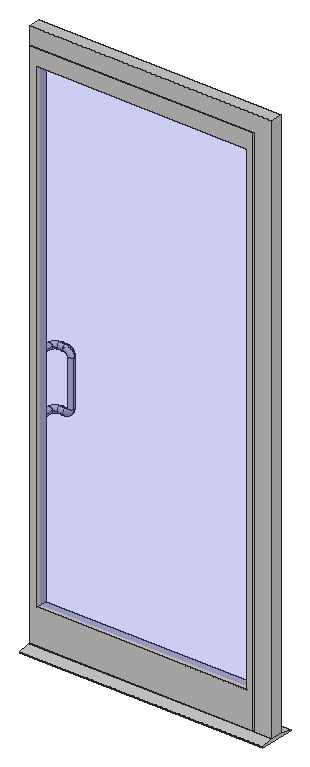
Revit family
Parameters (values of type "As Specified in the Contract Documents")
  ofst2 [instance] = abs(Offset from Exterior Wall Face - (Thickness / 2))  # 0' - 2"
  Top Rail [instance] = 0' - 2 3/4"
  Top RO Spacing = 0' - 0 1/4"
  Top Mechanism Height [instance] = if(Power Operation, 0' 7 1/2", 0' 3.13")  # 0' - 3.13"
  Threshold Width [instance] = 0' - 6"
  Threshold Material [instance] = Stainless Steel w Polished Finish - Ellison
  Thickness = 0' - 2"  # constant formula
  Stile Size [instance] = 0' - 1.13"
  SpecWizard = "http://www.arcat.com/specwizard/08480ell/index.htm?coid=32253&mf="
  Revision = "R1_10-2010"
  Right RO Spacing = 0' - 0.13"
  Warranty Duration (Years) = 0
  U_Factor [instance] = 0
  URL = "http://www.ellisonbronze.com/"
  Test Data = "http://www.ellisonbronze.com/newspecs/index.html"
  Specification = "http://www.arcat.com/sdspecs/htm/08480ell.htm"
  Send Message = "http://www.arcat.com/users.pl?action=UserEmail&company=Ellison%20Bronze,%20Inc.&coid=32253&rep=106&fax=716-665-5552&mf="
  Sales Information = "http://www.ellisonbronze.com/contact.html"
  SHGC [instance] = 0
  Rough Width = Width + Right RO Spacing + Left RO Spacing  # 3' - 6.29"
  Rough Height = Height + Right RO Spacing  # 8' - 1.13"
  R_Value [instance] = 0
  Product Properties = ""
  Product Data = "http://www.arcat.com/arcatcos/cos32/arc32253.html"
  Power Operation [instance] = no
  Panel Material = Stainless Steel w Polished Finish - Ellison
  Operation = "As Specified in 08 42 36"
  Muntin Width [instance] = 0' - 0 1/4"
  Model = "As Specified in 08 42 36"
  Minor Door Swing Y Start = Width * 0.507  # 1' - 7.71216"
  Minor Door Swing X Start = Width * 0.6157  # 1' - 11.93842"
  Minor Door Swing Radius = Width * 0.5367  # 1' - 8.8669"
  Manufacturer Website = "http://www.ellisonbronze.com/"
  Manufacturer Phone - Toll Free = "800-665-6445 "
  Manufacturer Phone = "716-665-6522 "
  Manufacturer Fax = "716-665-5552"
  Manufacturer Address = "125 W. Main St., Falconer, NY 14733"
  Manufacturer = "Ellison Bronze, Inc."
  Maintenance Schedule (Months) = 0
  Left RO Spacing = 0' - 3.28"
  Keynote = "08 42 36"
  Installation-Fabrication = "http://www.ellisonbronze.com/instmain.html"
  Installation Phase = "Exterior Enclosure"
  Height = 8' - 1"
  Has Muntins [instance] = no
  Has Miiddle Rail [instance] = no
  Hardware Finish [instance] = Stainless Steel w Polished Finish - Ellison
  Half Stile Size [instance] = Stile Size * 0.5  # 0' - 0.565"
  Green Building-LEED = "http://www.arcat.com/green/clients/leed_data_32253.html"
  Glass Thickness = if(Height < 10' 0.01", 0' 0 1/2", 0' 0 3/4")  # 0' - 0 1/2"
  Frame Material = Stainless Steel w Polished Finish - Ellison
  Fire Rating = "As Specified in 08 42 36"
  F588_Forced-Entry = "As Specified in 08 42 36"
  Expected Lifespan (Years) = 0
  E547_Water-Resistance = "As Specified in 08 42 36"
  E330_Structural-Test-Pressure = "As Specified in 08 42 36"
  E283_Air-Infiltration = "As Specified in 08 42 36"
  Drawn By = "Robert S. Weygant. CSI, CDT, SCIP"
  Door Glazing = Glass
  Description = "Stainless Steel Narrow Stile Balanced Door"
  Wall Closure = (empty or 0)
  Width = 3' - 2.88"
  Copyright = "2010 ARCAT, Inc."
  Construction Details = "http://www.ellisonbronze.com/newspecs/index.html"
  Offset from Exterior Wall Face [instance] = -0' - 1"
  Bottom Rail [instance] = 0' - 6"
  Assembly Code = "B2020100"
  AAMA Conformance = "As Specified in 08 42 36"
Reference planes (in)
  plane 1 "Center (Front/Back)": y = 0.3125
  plane 2 "Center (Left/Right)": x = -0.64125
  plane 3 "Left": x = -21.72125
  plane 4 "Right": x = 17.15875
  plane 5 "Center": z = 47.27875
  plane 6 "Exterior": y = 2.3125
  plane 7 "Interior": y = -3.6875
  plane 8 "FrameRight": x = 20.43875
  plane 9 "FrameLeft": x = -21.85125
  plane 10 "FrameUpper": z = 97
  plane 11 "Top": z = 97.25
  plane 12: z = 93.87
  plane 13: z = 0.6875
Forms (in)
  Extrusion 1, solid, material "Stainless Steel w Polished Finish - Ellison" <- "Panel Material"
    sketch origin (0, 0.3125, 0) x (1, 0, 0) y (0, 0, 1)
      loop
        line (17.15875, 93.87) -> (-21.72125, 93.87) -> (-21.72125, 0.6875) -> (17.15875, 0.6875) -> (17.15875, 93.87)
      loop
        line (16.02875, 91.12) -> (-20.59125, 91.12) -> (-20.59125, 6.6875) -> (16.02875, 6.6875) -> (16.02875, 91.12)
    from -1 to 1
  Extrusion 2, solid, material "Glass" <- "Door Glazing"
    sketch origin (0, 0.3125, 0) x (1, 0, 0) y (0, 0, 1)
      loop
        line (17.15875, 93.87) -> (-21.72125, 93.87) -> (-21.72125, 0.6875) -> (17.15875, 0.6875) -> (17.15875, 93.87)
    from -0.25 to 0.25
  Extrusion 3, solid, material "Stainless Steel w Polished Finish - Ellison" <- "Frame Material"
    sketch origin (0, 0.3125, 3.125) x (1, 0, 0) y (0, 0, 1)
      loop
        line (20.43875, 93.875) -> (-21.85125, 93.875) -> (-21.85125, 90.87) -> (17.40875, 90.87) -> (17.40875, -2.625) -> (20.43875, -2.625) -> (20.43875, 93.875)
    from -1 to 1
  Extrusion 4, solid, material "Stainless Steel w Polished Finish - Ellison" <- "Panel Material", visible <- "Has Muntins"
    sketch origin (0, 0.3125, 0) x (1, 0, 0) y (0, 0, 1)
      loop
        line (-0.51625, 91.12) -> (-0.76625, 91.12) -> (-0.76625, 47.40375) -> (-20.59125, 47.40375) -> (-20.59125, 47.15375) -> (-0.76625, 47.15375) -> (-0.76625, 6.6875) -> (-0.51625, 6.6875) -> (-0.51625, 47.15375) -> (16.02875, 47.15375) -> (16.02875, 47.40375) -> (-0.51625, 47.40375) -> (-0.51625, 91.12)
    from -1 to 1
  Extrusion 5, solid, material "Stainless Steel w Polished Finish - Ellison" <- "Threshold Material"
    sketch origin (-0.64125, 0, 0) x (0, 1, 0) y (0, 0, 1)
      loop
        line (3.3125, 0) -> (3.3125, 0.19) -> (1.33515, 0.5) -> (-0.71015, 0.5) -> (-2.6875, 0.19) -> (-2.6875, 0) -> (3.3125, 0)
    from -21.21 to 21.08
  Extrusion 6, solid, material "Stainless Steel w Polished Finish - Ellison" <- "Panel Material", visible <- "Has Miiddle Rail"
    sketch origin (0, 0.3125, -3.71625) x (1, 0, 0) y (0, 0, 1)
      loop
        line (16.02875, 47.40375) -> (-20.59125, 47.40375) -> (-20.59125, 41.40375) -> (16.02875, 41.40375) -> (16.02875, 47.40375)
    from -1 to 1
Lines and regions (in)
  Opening 1
    outline origin (-95.7153, -3.6875, 0) x (1, 0, 0) y (0, 0, 1)
      loop
        line (73.86405, 97.25) -> (73.86405, 0) -> (116.15405, 0) -> (116.15405, 97.25) -> (73.86405, 97.25)
  symbolic lines, style "Elevation Swing"
    curve 1: line (-21.72125, 0, 93.87) -> (17.15875, 0, 47.27875)
    curve 2: line (-21.72125, 0, 0.6875) -> (17.15875, 0, 47.27875)
  symbolic lines, style "DoorsPanelProjection"
    curve 3: line (16.13107, -11.9375, 0) -> (14.13107, -11.9375, 0)
    curve 4: line (16.13107, -11.9375, 0) -> (16.13107, 26.9425, 0)
    curve 5: line (16.13107, 26.9425, 0) -> (14.13107, 26.9425, 0)
    curve 6: line (14.13107, -11.9375, 0) -> (14.13107, 26.9425, 0)
    curve 7: arc (-21.71923, 1.3125, 0) -> (-17.65467, 12.77509, 0) -> (-7.88967, 20.02466, 0) r 20.8669
  symbolic lines, style "Plan Swing"
    curve 8: arc (-7.88967, 20.02466, 0) -> (2.90967, 24.15534, 0) -> (14.13107, 26.9425, 0) r 94.93214
  symbolic lines, style "DoorsFrameMullionProjection"
    curve 9: line (20.43875, 1.3125, 0) -> (17.40875, 1.3125, 0)
    curve 10: line (20.43875, -0.6875, 0) -> (20.43875, 1.3125, 0)
    curve 11: line (17.40875, -0.6875, 0) -> (20.43875, -0.6875, 0)
    curve 12: line (17.40875, 1.3125, 0) -> (17.40875, -0.6875, 0)
  reference lines
    curve 13: line (16.02875, 0.3125, 6.6875) -> (16.02875, 0.3125, 111.6875)
    curve 14: line (-20.59125, 0.3125, 6.6875) -> (-20.59125, 0.3125, 111.6875)
    curve 15: line (4.04875, 0.3125, 91.12) -> (40.40875, 0.3125, 91.12)
    curve 16: line (4.04875, 0.3125, 6.6875) -> (45.40875, 0.3125, 6.6875)
Text (in)
  text "EXTERIOR" at (-79.42766, 23.47596, 0), in view "Ref. Level"
  text "INTERIOR" at (-79.42766, -17.27685, 0), in view "Ref. Level"
  text "Exterior" at (0, 47.2975, 123.29936), in view "Left"
  text "Exterior" at (0, 19.21628, 132.11189), in view "Right"
Dimensions and locks (in)
  host wall to plane 6 "Exterior" = 0' - 0"
  host wall to plane 7 "Interior" = 0' - 0"
  "Width": plane 3 "Left" to plane 4 "Right"
  equal spacing: plane 3 "Left", plane 2 "Center (Left/Right)", plane 8 "FrameRight"
  "Right RO Spacing": plane 9 "FrameLeft" to plane 3 "Left"
  "Left RO Spacing": plane 4 "Right" to plane 8 "FrameRight"
  "ofst2": plane 1 "Center (Front/Back)" to host wall
  locked: plane 13 to level at 0.6875
  equal spacing: plane 13, plane 5 "Center", plane 12
  "Thickness": Extrusion 1 to Extrusion 1
  "Width": curve 5 to curve 3
  "Glass Thickness": Extrusion 2 to Extrusion 2
  equal spacing: Extrusion 2, plane 1 "Center (Front/Back)", Extrusion 2
  equal spacing: Extrusion 1, plane 1 "Center (Front/Back)", Extrusion 1
  locked: curve 3 to plane 1 "Center (Front/Back)" at 12.25
  "Minor Door Swing Y Start": plane 1 "Center (Front/Back)" to curve 8
  "Muntin Width": Extrusion 4 sketch curve to Extrusion 4 sketch curve  (x2)
  equal spacing: Extrusion 4 sketch curve, plane 5 "Center", Extrusion 4 sketch curve
  equal spacing: Extrusion 4 sketch curve, plane 2 "Center (Left/Right)", Extrusion 4 sketch curve
  "Top Mechanism Height": plane 12 to plane 10 "FrameUpper"
  "Height": level to plane 10 "FrameUpper"
  "Top RO Spacing": plane 10 "FrameUpper" to plane 11 "Top"
  locked: curve 6 to plane 8 "FrameRight" at 6.30768
  "Thickness": curve 6 to curve 4
  "Stile Size": curve 13 to plane 4 "Right"
  "Stile Size": plane 3 "Left" to curve 14
  "Top Rail": curve 15 to plane 12
  "Bottom Rail": plane 13 to curve 16
  "Half Stile Size": plane 3 "Left" to nested 1
  equal spacing: Extrusion 5 sketch curve, plane 1 "Center (Front/Back)", Extrusion 5 sketch curve
  locked: Extrusion 5 sketch curve to level at 0.5
  Extrusion 5 sketch curve to plane 1 "Center (Front/Back)" to Extrusion 5 sketch curve = 0' - 1.02265" locked, 0' - 1.02265" locked
  "Threshold Width": Extrusion 5 to Extrusion 5
  level to Extrusion 6 sketch curve to Extrusion 6 sketch curve = 3' - 1 11/16" locked, 0' - 6" locked
  "Minor Door Swing Radius": radius of curve 7
  aligned and locked: Opening 1 sketch curve to plane 8 "FrameRight"
  aligned and locked: plane 9 "FrameLeft" to Opening 1 sketch curve
  aligned and locked: Opening 1 sketch curve to plane 11 "Top"
  aligned and locked: level to Opening 1 sketch curve
  aligned and locked: plane 4 "Right" to curve 2
  aligned and locked: plane 5 "Center" to curve 2
  aligned and locked: Extrusion 1 to curve 7
  aligned and locked: host wall to plane 7 "Interior"
  aligned and locked: plane 6 "Exterior" to host wall
  aligned and locked: curve 5 to curve 8
  aligned and locked: Extrusion 4 sketch curve to Extrusion 4 sketch curve  (x4)
  aligned and locked: Extrusion 3 to curve 9
  aligned and locked: curve 9 to Extrusion 3
  aligned and locked: curve 12 to Extrusion 3  (x2)
  aligned and locked: Extrusion 1 sketch curve to curve 13
  aligned and locked: Extrusion 1 sketch curve to curve 14
  aligned and locked: Extrusion 1 sketch curve to curve 16
  aligned and locked: Extrusion 1 sketch curve to curve 15
  aligned and locked: curve 13 to Extrusion 4 sketch curve
  aligned and locked: Extrusion 4 sketch curve to curve 14
  aligned and locked: curve 15 to Extrusion 4 sketch curve
  aligned and locked: Extrusion 4 sketch curve to curve 16
  aligned and locked: Extrusion 5 to plane 8 "FrameRight"
  aligned and locked: Extrusion 5 to plane 9 "FrameLeft"
  aligned and locked: Extrusion 6 sketch curve to curve 14
  aligned and locked: curve 13 to Extrusion 6 sketch curve
  aligned and locked: Extrusion 1 to Extrusion 4  (x2)
  aligned and locked: Extrusion 1 to Extrusion 6  (x2)
  aligned and locked: Extrusion 3 to Extrusion 1  (x2)
Automatic sketch dimensions
  curve 1 to plane 3 "Left" = 0' - 0"
  curve 1 to plane 12 = 0' - 0"
  curve 2 to plane 3 "Left" = 0' - 0"
  curve 2 to plane 13 = 0' - 0"
  curve 7 to plane 1 "Center (Front/Back)" = 0' - 0.06016"
  curve 7 to plane 2 "Center (Left/Right)" = 0' - 0.23226"
  curve 8 to plane 8 "FrameRight" = 0' - 10.92301"
  Extrusion 1 sketch curve to plane 3 "Left" = 0' - 0"
  Extrusion 1 sketch curve to plane 4 "Right" = 0' - 0"
  Extrusion 1 sketch curve to plane 13 = 0' - 0"
  Extrusion 1 sketch curve to plane 12 = 0' - 0"
  Extrusion 3 sketch curve to plane 9 "FrameLeft" = 0' - 0"
  Extrusion 3 sketch curve to plane 8 "FrameRight" = 0' - 0"
  Extrusion 3 sketch curve to plane 10 "FrameUpper" = 0' - 0"
  Extrusion 3 sketch curve to plane 4 "Right" = 0' - 0 1/4"
  plane 12 to Extrusion 3 sketch curve = 0' - 0 1/8"
  Extrusion 3 sketch curve to plane 13 = 0' - 0 3/16"
  plane 2 "Center (Left/Right)" to curve 15 = 0' - 4.69"
  plane 2 "Center (Left/Right)" to curve 16 = 0' - 4.69"
  curve 15 to plane 8 "FrameRight" = 1' - 7.97"
  curve 16 to plane 8 "FrameRight" = 2' - 0.97"
  plane 13 to curve 14 = 0' - 6"
  plane 11 "Top" to curve 14 = 1' - 2 7/16"
  plane 11 "Top" to curve 13 = 1' - 2 7/16"
  Extrusion 5 sketch curve to level = 0' - 0"
  host wall to Extrusion 5 sketch curve = 0' - 2"
  level to Extrusion 5 sketch curve = 0' - 0.19"  (x2)
  Extrusion 2 sketch curve to plane 3 "Left" = 0' - 0"
  Extrusion 2 sketch curve to plane 4 "Right" = 0' - 0"
  Extrusion 2 sketch curve to plane 13 = 0' - 0"
  Extrusion 2 sketch curve to plane 12 = 0' - 0"
Nested families (in)
  nested 1: "Handle_Offset_Ellison" at (-21.15625, 1.3125, 40.68751) x (1, 0, 0) z (0, 1, 0), type "Handle_Offset_Ellison"
Definition of nested family "Handle_Offset_Ellison"
  Parameters
    Material = none
    Default Elevation = 4' - 0"
  Reference planes (in)
    plane 1 "Center (Front/Back)": y = 0
    plane 2: z = 0
    plane 3 "Center (Left/Right)": x = 0
  Forms (in)
    Sweep 1, solid, material <- "Material"
      path origin (0, 0, 0) x (1, 0, 0) y (0, 1, 0)
        loop
          line (1, -4.99999) -> (2, -4.99999)
          arc (2, -4.99999) -> (2.70635, -4.70785) -> (3, -4.00213) r 1
          line (3, -4.00213) -> (3, 3.99999)
          arc (3, 3.99999) -> (2.7071, 4.70709) -> (2, 4.99999) r 1
          line (2, 4.99999) -> (1, 4.99999)
      profile "PR-Circle : PR-Circle" origin (1.5, 4.99999, 0) x (0, -1, 0) y (0, 0, 1)
        loop
          circle (0, 2.5) r 0.5
    Sweep 2, solid, material <- "Material"
      path origin (2.99999, -7.49999, -2.49999) x (-1, 0, 0) y (0, 0, 1)
        loop
          arc (2, 4.99999) -> (2.70635, 4.70785) -> (3, 4.00213) r 1
          line (3, 4.00213) -> (3, 2.49999)
      profile "PR-Circle : PR-Circle" origin (0.29365, -7.49999, 2.20787) x (-0.706347, 0, 0.707865) y (0, 1, 0)
        loop
          circle (0, 2.5) r 0.5
    Sweep 3, solid, material <- "Material"
      path origin (2.99999, 7.49999, -2.49999) x (-1, 0, 0) y (0, 0, -1)
        loop
          arc (2, -4.99999) -> (2.70635, -4.70785) -> (3, -4.00213) r 1
          line (3, -4.00213) -> (3, -2.49999)
      profile "PR-Circle : PR-Circle" origin (0.29365, 7.49999, 2.20787) x (0.706347, 0, -0.707865) y (0, -1, 0)
        loop
          circle (0, 2.5) r 0.5
  Cuts and joins
    joined: Sweep 1, Sweep 2, Sweep 3
